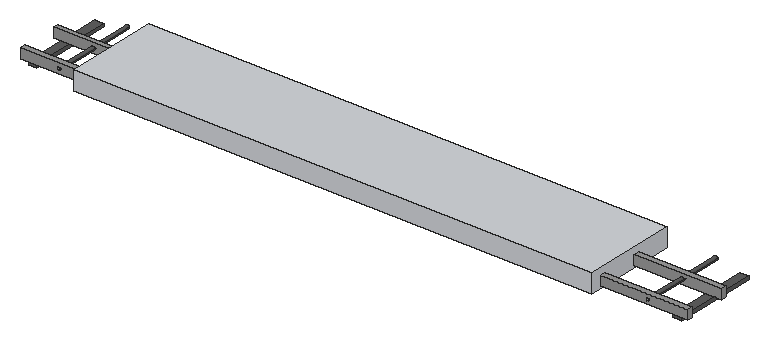
Revit family "1212-2, Veneer", category Generic Models, host Face, Revit 2020
Family settings
  Host = Face
  Can host rebar = No
  Round Connector Dimension = Use Diameter
  Part Type = Normal
  Cut with Voids When Loaded = No
  Shared = No
  Room Calculation Point = No
Parameters
  min_value [instance] = 1' - 11 1/4"  # constant formula
  max_value [instance] = 9' - 11 1/4"  # constant formula
  actual_value [instance] = if(NET LENGTH < min_value, min_value, if(NET LENGTH > max_value, max_value, NET LENGTH))  # 7' - 11 1/4"
  NET LENGTH [instance] = 7' - 11 1/4"
  IMPORTANT NOTE!!!                                                                             *Backer & dowel layout is for visualization purposes only, final layout to be determined by 9Wood. [instance] = ""
  Default Elevation = 4' - 0"
  DOWEL RADIUS [instance] = 0' - 0 1/4"  # constant formula
  BACKING M MATERIAL [instance] = BLACK-BACKERS
  .. MEMBER WIDTH [instance] = 0' - 0 3/4"  # constant formula
  .. MEMBER MATERIAL [instance] = Veneer Cherry
  .. MEMBER DEPTH [instance] = 0' - 1 3/8"  # constant formula
  .. MEMBER COUNT [instance] = 2  # constant formula
Reference planes (in)
  plane 1 "Center (Front/Back)": y = 0
  plane 2: z = 2.726
  plane 3 "Center (Left/Right)": x = 0
Forms (in)
  Extrusion 1, solid
    sketch origin (15, -0.86619, -0.99308) x (0, 1, 0) y (-1, 0, 0)
      loop
        line (3.42869, -23.66817) -> (3.42869, 50.25) -> (-10, 50.25) -> (-10, -23.66817) -> (3.42869, -23.66817)
    from 3.71908 to 1.00111
Dimensions and locks (in)
  aligned and locked: plane 2 to Extrusion 1
Nested families (in)
  nested 1: "1200 Series" at (-44, -2, 1.87867), NET LENGTH <- "actual_value", DOWEL RADII <- "DOWEL RADIUS", .. MEMBER WIDTH <- ".. MEMBER WIDTH", .. MEMBER DEPTH <- ".. MEMBER DEPTH", .. MEMBER MATERIAL <- ".. MEMBER MATERIAL", BACKING M MATERIAL <- "BACKING M MATERIAL", .. MEMBER COUNT <- ".. MEMBER COUNT", type "1200 Series"
    with X 7' - 4", WIDTH 1' - 0 1/16", Space 0' - 0 11/16", START 0' - 0 3/8", SCRIM MATERIAL SCRIM, SCRIM 3 8' - 1", SCRIM 2 0' - 0 7/8", SCRIM 1 0' - 0 3/32", SCRIM yes, NET LENGTH 7' - 11 1/4", N 8, INSET 3 0' - 0 3/16", INSET 0' - 1", INDEX 0' - 5 5/8", END BACKER yes, DOWEL RADII 0' - 0 1/4", DOWEL COUNT 8, BACKING M WIDTH 0' - 1 1/4", BACKING M MATERIAL BLACK-BACKERS, BACKING M LENGTH 0' - 11 7/8", BACKING M DEPTH 0' - 0 1/2", .. MEMBER WIDTH 0' - 0 3/4", .. MEMBER OC TYP 0' - 6", .. MEMBER MATERIAL Veneer Cherry, .. MEMBER DEPTH 0' - 1 3/8", .. MEMBER COUNT 2
Definition of nested family "1200 Series"
  Parameters (values of type "1200 Series")
    X [instance] = NET LENGTH - (0' 3 5/8" * 2)  # 6' - 2"
    WIDTH [instance] = 1' - 0 1/16"
    Space [instance] = 0' - 0 11/16"  # constant formula
    START [instance] = .. MEMBER WIDTH / 2  # 0' - 0 3/8"
    SCRIM MATERIAL [instance] = none
    SCRIM 3 [instance] = NET LENGTH + (SCRIM 2 * 2)  # 6' - 11"
    SCRIM 2 [instance] = 0' - 0 7/8"
    SCRIM 1 [instance] = 0' - 0 3/32"
    SCRIM [instance] = yes
    NET LENGTH [instance] = 6' - 9 1/4"
    N [instance] = if((X - (rounddown(X / 1' 0") * 1' 0")) > 1' 0", rounddown(X / 1' 0") + 2, rounddown(X / 1' 0") + 1)  # 7
    INSET 3 [instance] = 0' - 0 3/16"
    INSET [instance] = 0' - 1"
    INDEX [instance] = (NET LENGTH - ((N - 1) * 1' 0")) / 2  # 0' - 4 5/8"
    END BACKER [instance] = yes
    Default Elevation = 0' - 0"
    DOWEL RADII [instance] = 0' - 0 1/4"
    DOWEL COUNT [instance] = N  # 7
    BACKING M WIDTH [instance] = 0' - 1 1/4"
    BACKING M MATERIAL [instance] = none
    BACKING M LENGTH [instance] = 0' - 11 7/8"
    BACKING M DEPTH [instance] = 0' - 0 1/2"
    .. MEMBER WIDTH [instance] = 0' - 0 3/4"
    .. MEMBER OC TYP [instance] = 1' 0" / .. MEMBER COUNT  # 0' - 3"
    .. MEMBER MATERIAL [instance] = none
    .. MEMBER DEPTH [instance] = 0' - 1 3/8"
    .. MEMBER COUNT [instance] = 4
  Reference planes (in)
    plane 1 "Center (Front/Back)": y = -7.5
    plane 2: z = 0
    plane 3 "Center (Left/Right)": x = 0
    plane 4: x = 1
    plane 5: x = 4.625
    plane 6: x = 81.25
    plane 7: x = 80.25
    plane 8: x = 16.625
    plane 9: y = -7.3125
    plane 10: y = -4.125
    plane 11: y = -7.125
    plane 12: y = 4.5625
    plane 13: y = -4.5
    plane 14: y = -7.59375
    plane 15: x = 82.125
    plane 16: y = 4.65625
    plane 17: x = -0.875
    plane 18: z = -1.375
    plane 19: z = -0.6875
  Lines and regions (in)
    model lines
      curve 1: line (4.375, -7.5, -0.6875) -> (4.875, -7.5, -0.6875)
    model lines, not visible
      curve 2: line (4.625, -7.5, -0.9375) -> (4.625, -7.5, -0.4375)
      curve 3: line (4.375, -7.5, -0.6875) -> (4.875, -7.5, -0.6875)
      curve 4: line (16.625, -7.5, -0.9375) -> (16.625, -7.5, -0.4375)
      curve 5: line (16.375, -7.5, -0.6875) -> (16.875, -7.5, -0.6875)
      curve 6: line (28.625, -7.5, -0.9375) -> (28.625, -7.5, -0.4375)
      curve 7: line (28.375, -7.5, -0.6875) -> (28.875, -7.5, -0.6875)
      curve 8: line (40.625, -7.5, -0.9375) -> (40.625, -7.5, -0.4375)
      curve 9: line (40.375, -7.5, -0.6875) -> (40.875, -7.5, -0.6875)
      curve 10: line (52.625, -7.5, -0.9375) -> (52.625, -7.5, -0.4375)
      curve 11: line (52.375, -7.5, -0.6875) -> (52.875, -7.5, -0.6875)
      curve 12: line (64.625, -7.5, -0.9375) -> (64.625, -7.5, -0.4375)
      curve 13: line (64.375, -7.5, -0.6875) -> (64.875, -7.5, -0.6875)
      curve 14: line (76.625, -7.5, -0.9375) -> (76.625, -7.5, -0.4375)
      curve 15: line (76.375, -7.5, -0.6875) -> (76.875, -7.5, -0.6875)
  Dimensions and locks (in)
    "NET LENGTH": plane 3 "Center (Left/Right)" to plane 6
    "INSET": plane 7 to plane 6
    "INDEX": plane 3 "Center (Left/Right)" to plane 5
    plane 5 to plane 8 = 1' - 0"
    "INSET 3": plane 1 "Center (Front/Back)" to plane 9
    equal spacing: group 1, group 2, group 3, group 4  (x3)
    "START": plane 11 to plane 1 "Center (Front/Back)"
    ".. MEMBER OC TYP": plane 10 to plane 11
    "WIDTH": plane 12 to plane 1 "Center (Front/Back)"
    "START": plane 10 to plane 13
    "SCRIM 1": plane 14 to plane 1 "Center (Front/Back)"
    "SCRIM 2": plane 6 to plane 15
    "SCRIM 1": plane 12 to plane 16
    "SCRIM 2": plane 17 to plane 3 "Center (Left/Right)"
    "INSET": plane 3 "Center (Left/Right)" to plane 4
    equal spacing: group 5, group 6, group 7, group 8, group 9, group 10, group 11  (x3)
    "Space": plane 19 to plane 18
    aligned and locked: level to plane 2
    aligned and locked: nested 1 to plane 4  (x2)
    aligned and locked: plane 7 to nested 2
    aligned and locked: plane 5 to nested 3
    aligned and locked: nested 1 to plane 9
    aligned and locked: plane 1 "Center (Front/Back)" to nested 4
    aligned and locked: plane 9 to nested 2
    aligned and locked: plane 13 to nested 5
    aligned and locked: nested 3 to plane 9
    aligned and locked: plane 18 to nested 1
    aligned and locked: plane 19 to nested 3
    aligned and locked: curve 1 to plane 19
    aligned and locked: plane 8 to curve 4
    aligned and locked: curve 5 to plane 19
    aligned and locked: nested 4 to plane 18
  Automatic sketch dimensions
    curve 1 to curve 1 = 0' - 0 1/2"
    curve 1 to plane 5 = 0' - 0 1/4"
    plane 5 to curve 1 = 0' - 0 1/4"
    curve 3 to curve 2 = 0' - 0 1/4"  (x2)
    curve 2 to curve 3 = 0' - 0 1/4"  (x2)
    curve 5 to curve 4 = 0' - 0 1/4"  (x2)
    curve 4 to curve 5 = 0' - 0 1/4"  (x2)
    curve 7 to curve 6 = 0' - 0 1/4"  (x2)
    curve 6 to curve 7 = 0' - 0 1/4"  (x2)
    curve 9 to curve 8 = 0' - 0 1/4"  (x2)
    curve 8 to curve 9 = 0' - 0 1/4"  (x2)
    curve 11 to curve 10 = 0' - 0 1/4"  (x2)
    curve 10 to curve 11 = 0' - 0 1/4"  (x2)
    curve 13 to curve 12 = 0' - 0 1/4"  (x2)
    curve 12 to curve 13 = 0' - 0 1/4"  (x2)
    curve 15 to curve 14 = 0' - 0 1/4"  (x2)
    curve 14 to curve 15 = 0' - 0 1/4"  (x2)
  Nested families (in)
    nested 1: "INSTANCE - 2ND -  EXTEND SIDE H CENTER W - Parametric Cube" at (1, -1.375, -1.375) x (0, -1, 0) z (0, 0, 1), Width <- "BACKING M LENGTH", Length <- "BACKING M WIDTH", Material <- "BACKING M MATERIAL", Height <- "BACKING M DEPTH", visible <- "END BACKER", type "INSTANCE - 2ND -  EXTEND SIDE H CENTER W - Parametric Cube"
      with Width 0' - 11 7/8", Material none, Length 0' - 1 1/4", Height 0' - 0 1/2"
    nested 2: "INSTANCE - 2ND -  EXTEND SIDE H CENTER W - Parametric Cube" at (80.25, -1.375, -1.375) x (0, -1, 0) z (0, 0, 1), Width <- "BACKING M LENGTH", Length <- "BACKING M WIDTH", Material <- "BACKING M MATERIAL", Height <- "BACKING M DEPTH", visible <- "END BACKER", type "INSTANCE - 2ND -  EXTEND SIDE H CENTER W - Parametric Cube"
      with Width 0' - 11 7/8", Material none, Length 0' - 1 1/4", Height 0' - 0 1/2"
    nested 3: "Family3" at (-5.375, -7.3125, -0.6875), DOWEL RADII <- "DOWEL RADII", BACKING MEM MATERIAL <- "BACKING M MATERIAL", type "Family3"
      with DOWEL RADII 0' - 0 1/4", DOWEL LENGTH 0' - 11 7/8", BACKING MEM MATERIAL none
    nested 4: "HOLED MEMBER" at (0, -18.75, 6.19404), DOWEL RADII <- "DOWEL RADII", .. MEMBER LENGTH <- "NET LENGTH", DOWEL COUNT <- "DOWEL COUNT", DEPTH <- ".. MEMBER DEPTH", .. MEMBER WIDTH <- ".. MEMBER WIDTH", Material <- ".. MEMBER MATERIAL", DOWEL INDEX <- "INDEX", Space 2 <- "Space", type "HOLED MEMBER"
      with Width 0' - 6", Space 2 0' - 0 11/16", Material none, Length 1' - 0", Height 0' - 10.43096", DOWEL RADII 0' - 0 1/4", DOWEL OC DIST 1' - 0", DOWEL INDEX 0' - 4 5/8", DOWEL COUNT 7, DEPTH 0' - 1 3/8", .. MEMBER WIDTH 0' - 0 3/4", .. MEMBER LENGTH 6' - 9 1/4"
    nested 5: "HOLED MEMBER" at (0, -15.75, 6.19404), DOWEL RADII <- "DOWEL RADII", .. MEMBER LENGTH <- "NET LENGTH", DOWEL COUNT <- "DOWEL COUNT", DEPTH <- ".. MEMBER DEPTH", .. MEMBER WIDTH <- ".. MEMBER WIDTH", Material <- ".. MEMBER MATERIAL", DOWEL INDEX <- "INDEX", Space 2 <- "Space", type "HOLED MEMBER"
      with Width 0' - 6", Space 2 0' - 0 11/16", Material none, Length 1' - 0", Height 0' - 10.43096", DOWEL RADII 0' - 0 1/4", DOWEL OC DIST 1' - 0", DOWEL INDEX 0' - 4 5/8", DOWEL COUNT 7, DEPTH 0' - 1 3/8", .. MEMBER WIDTH 0' - 0 3/4", .. MEMBER LENGTH 6' - 9 1/4"
    nested 6: "HOLED MEMBER" at (0, -12.75, 6.19404), DOWEL RADII <- "DOWEL RADII", .. MEMBER LENGTH <- "NET LENGTH", DOWEL COUNT <- "DOWEL COUNT", DEPTH <- ".. MEMBER DEPTH", .. MEMBER WIDTH <- ".. MEMBER WIDTH", Material <- ".. MEMBER MATERIAL", DOWEL INDEX <- "INDEX", Space 2 <- "Space", type "HOLED MEMBER"
      with Width 0' - 6", Space 2 0' - 0 11/16", Material none, Length 1' - 0", Height 0' - 10.43096", DOWEL RADII 0' - 0 1/4", DOWEL OC DIST 1' - 0", DOWEL INDEX 0' - 4 5/8", DOWEL COUNT 7, DEPTH 0' - 1 3/8", .. MEMBER WIDTH 0' - 0 3/4", .. MEMBER LENGTH 6' - 9 1/4"
    nested 7: "HOLED MEMBER" at (0, -9.75, 6.19404), DOWEL RADII <- "DOWEL RADII", .. MEMBER LENGTH <- "NET LENGTH", DOWEL COUNT <- "DOWEL COUNT", DEPTH <- ".. MEMBER DEPTH", .. MEMBER WIDTH <- ".. MEMBER WIDTH", Material <- ".. MEMBER MATERIAL", DOWEL INDEX <- "INDEX", Space 2 <- "Space", type "HOLED MEMBER"
      with Width 0' - 6", Space 2 0' - 0 11/16", Material none, Length 1' - 0", Height 0' - 10.43096", DOWEL RADII 0' - 0 1/4", DOWEL OC DIST 1' - 0", DOWEL INDEX 0' - 4 5/8", DOWEL COUNT 7, DEPTH 0' - 1 3/8", .. MEMBER WIDTH 0' - 0 3/4", .. MEMBER LENGTH 6' - 9 1/4"
    nested 8: "Family3" at (6.625, -7.3125, -0.6875), DOWEL RADII <- "DOWEL RADII", BACKING MEM MATERIAL <- "BACKING M MATERIAL", type "Family3"
      with DOWEL RADII 0' - 0 1/4", DOWEL LENGTH 0' - 11 7/8", BACKING MEM MATERIAL none
    nested 9: "Family3" at (18.625, -7.3125, -0.6875), DOWEL RADII <- "DOWEL RADII", BACKING MEM MATERIAL <- "BACKING M MATERIAL", type "Family3"
      with DOWEL RADII 0' - 0 1/4", DOWEL LENGTH 0' - 11 7/8", BACKING MEM MATERIAL none
    nested 10: "Family3" at (30.625, -7.3125, -0.6875), DOWEL RADII <- "DOWEL RADII", BACKING MEM MATERIAL <- "BACKING M MATERIAL", type "Family3"
      with DOWEL RADII 0' - 0 1/4", DOWEL LENGTH 0' - 11 7/8", BACKING MEM MATERIAL none
    nested 11: "Family3" at (42.625, -7.3125, -0.6875), DOWEL RADII <- "DOWEL RADII", BACKING MEM MATERIAL <- "BACKING M MATERIAL", type "Family3"
      with DOWEL RADII 0' - 0 1/4", DOWEL LENGTH 0' - 11 7/8", BACKING MEM MATERIAL none
    nested 12: "Family3" at (54.625, -7.3125, -0.6875), DOWEL RADII <- "DOWEL RADII", BACKING MEM MATERIAL <- "BACKING M MATERIAL", type "Family3"
      with DOWEL RADII 0' - 0 1/4", DOWEL LENGTH 0' - 11 7/8", BACKING MEM MATERIAL none
    nested 13: "Family3" at (66.625, -7.3125, -0.6875), DOWEL RADII <- "DOWEL RADII", BACKING MEM MATERIAL <- "BACKING M MATERIAL", type "Family3"
      with DOWEL RADII 0' - 0 1/4", DOWEL LENGTH 0' - 11 7/8", BACKING MEM MATERIAL none
  Definition of nested family "INSTANCE - 2ND -  EXTEND SIDE H CENTER W - Parametric Cube"
    Parameters (values of type "INSTANCE - 2ND -  EXTEND SIDE H CENTER W - Parametric Cube")
      Width [instance] = 0' - 6"
      Material [instance] = none
      Length [instance] = 1' - 0"
      Height [instance] = 1' - 6"
      Default Elevation = 0' - 0"
    Reference planes (in)
      plane 1 "Center (Front/Back)": y = 0
      plane 2: z = 0
      plane 3 "Center (Left/Right)": x = 0
      plane 4: x = -3
      plane 5: x = 3
      plane 6: y = 12
      plane 7: z = -18
    Forms (in)
      Extrusion 1, solid, material <- "Material"
        sketch origin (0, 6, 0) x (1, 0, 0) y (0, 1, 0)
          loop
            line (-3, 6) -> (-3, -6) -> (3, -6) -> (3, 6) -> (-3, 6)
        from -18 to 0
    Dimensions and locks (in)
      equal spacing: plane 4, plane 3 "Center (Left/Right)", plane 5
      "Width": plane 4 to plane 5
      "Height": plane 7 to level
      "Length": plane 1 "Center (Front/Back)" to plane 6
      aligned and locked: plane 2 to level
      aligned and locked: plane 4 to Extrusion 1 sketch curve
      aligned and locked: Extrusion 1 sketch curve to plane 5
      aligned and locked: Extrusion 1 to plane 7
      aligned and locked: plane 6 to Extrusion 1
    Automatic sketch dimensions
      plane 1 "Center (Front/Back)" to Extrusion 1 sketch curve = 0' - 0"
      plane 6 to Extrusion 1 sketch curve = 0' - 0"
  Definition of nested family "Family3"
    Parameters (values of type "Family3")
      Default Elevation = 0' - 0"
      DOWEL RADII [instance] = 0' - 0 5/8"
      DOWEL LENGTH [instance] = 0' - 5"
      BACKING MEM MATERIAL [instance] = none
    Reference planes (in)
      plane 1 "Center (Front/Back)": y = 0
      plane 2: z = 0
      plane 3 "Center (Left/Right)": x = 0
      plane 4: y = 5
    Forms (in)
      Extrusion 1, solid, material <- "BACKING MEM MATERIAL"
        sketch origin (10, 0, 0) x (1, 0, 0) y (0, 0, 1)
          loop
            circle (0, 0) r 0.625
        from 0 to -5
      Extrusion 2, solid, not visible
        sketch origin (0, 0, 0) x (1, 0, 0) y (0, 0, 1)
          loop
            circle (0, 0) r 0.625
        from 0 to 12
      Extrusion 3, solid, not visible
        sketch origin (10, 0, 0) x (1, 0, 0) y (0, 0, 1)
          loop
            circle (0, 0) r 0.625
        from 0 to 2.5
      Extrusion 4, solid, not visible
        sketch origin (10, 0, 0) x (1, 0, 0) y (0, 0, 1)
          loop
            circle (0, 0) r 0.625
        from 0 to -12
    Lines and regions (in)
      model lines, not visible
        curve 1: line (-13, 0, 0) -> (-13, -12, 0)
        curve 2: line (13, 0, 0) -> (13, -12, 0)
        curve 3: line (9.89453, 0, 0) -> (10.08794, 0, 0)
        curve 4: line (9.89453, -2.5, 0) -> (10.08794, -2.5, 0)
        curve 6: line (10, 0, 0) -> (10, 2, 0)
      model lines
        curve 5: line (10, 0, 0) -> (10, 2, 0)
    Dimensions and locks (in)
      "DOWEL LENGTH": plane 1 "Center (Front/Back)" to plane 4
      "DOWEL RADII": radius of Extrusion 1 sketch curve
      "DOWEL RADII": radius of Extrusion 2 sketch curve
      "DOWEL RADII": radius of Extrusion 3 sketch curve
      "DOWEL RADII": radius of Extrusion 4 sketch curve
      "DOWEL RADII": radius of Extrusion 1
      aligned and locked: plane 2 to level
      aligned and locked: Extrusion 1 to plane 1 "Center (Front/Back)"  (x3)
      aligned and locked: plane 1 "Center (Front/Back)" to Extrusion 1
      aligned and locked: plane 4 to Extrusion 1
    Automatic sketch dimensions
      plane 1 "Center (Front/Back)" to curve 5 = 0' - 0"
      curve 5 to plane 1 "Center (Front/Back)" = 0' - 2"
      plane 3 "Center (Left/Right)" to curve 5 = 0' - 10"
      Extrusion 1 sketch curve to level = 0' - 0"
      plane 3 "Center (Left/Right)" to Extrusion 1 sketch curve = 0' - 10"
  Definition of nested family "HOLED MEMBER"
    Parameters (values of type "HOLED MEMBER")
      Width [instance] = 0' - 6"
      Space 2 [instance] = 0' - 0 5/8"
      Space = 0' - 0 5/8"
      Material [instance] = none
      Length [instance] = 1' - 0"
      Height [instance] = 0' - 10.43096"
      Default Elevation = 0' - 0"
      DOWEL RADII [instance] = 0' - 0.34537"
      DOWEL OC DIST [instance] = 1' - 0"
      DOWEL INSET = 0' - 0 5/8"
      DOWEL INDEX [instance] = 0' - 5 5/8"
      DOWEL COUNT [instance] = 6
      DEPTH [instance] = 0' - 2"
      .. MEMBER WIDTH [instance] = 0' - 0 5/8"
      .. MEMBER LENGTH [instance] = 5' - 11 3/4"
    Reference planes (in)
      plane 1 "Center (Front/Back)": y = 12
      plane 2: z = -7.56904
      plane 3 "Center (Left/Right)": x = 0
      plane 4: x = 5.625
      plane 5: x = 17.625
      plane 6: y = 11.375
      plane 7: x = 71.75
      plane 8: z = -6.94404
      plane 9: z = -5.56904
    Forms (in)
      Extrusion 1, solid, material <- "Material"
        sketch origin (0, 12, -13.56904) x (1, 0, 0) y (0, 0, 1)
          loop
            line (0, 6) -> (71.75, 6) -> (71.75, 8) -> (0, 8) -> (0, 6)
        from 0.625 to 0
      Extrusion 2, void
        sketch origin (0, 12, -18.31904) x (1, 0, 0) y (0, 0, 1)
          loop
            circle (5.625, 11.375) r 0.34537
        from 0 to 12
      Extrusion 3, void, not visible
        sketch origin (0, 1.25, 0) x (1, 0, 0) y (0, 1, 0)
          loop
            circle (5.625, 11.375) r 0.34537
        from 0 to 12
      Extrusion 4, void, not visible
        sketch origin (0, 1.25, 0) x (1, 0, 0) y (0, 1, 0)
          loop
            circle (5.625, 11.375) r 0.34537
        from 0 to 12
      Extrusion 5, void, not visible
        sketch origin (12, 1.25, 0) x (1, 0, 0) y (0, 1, 0)
          loop
            circle (5.625, 11.375) r 0.34537
        from 0 to 12
      Extrusion 6, void, not visible
        sketch origin (0, 12, -16.31904) x (1, 0, 0) y (0, 0, 1)
          loop
            circle (5.625, 11.375) r 0.34537
        from 0 to 12
      Extrusion 7, void, not visible
        sketch origin (12, 12, -16.31904) x (1, 0, 0) y (0, 0, 1)
          loop
            circle (5.625, 11.375) r 0.34537
        from 0 to 12
      Extrusion 8, void, not visible
        sketch origin (0, 12, -18.31904) x (1, 0, 0) y (0, 0, 1)
          loop
            circle (5.625, 11.375) r 0.34537
        from 0 to 12
      Extrusion 9, void
        sketch origin (12, 12, -18.31904) x (1, 0, 0) y (0, 0, 1)
          loop
            circle (5.625, 11.375) r 0.34537
        from 0 to 12
      Extrusion 10, void, not visible
        sketch origin (24, 12, -16.31904) x (1, 0, 0) y (0, 0, 1)
          loop
            circle (5.625, 11.375) r 0.34537
        from 0 to 12
      Extrusion 11, void, not visible
        sketch origin (36, 12, -16.31904) x (1, 0, 0) y (0, 0, 1)
          loop
            circle (5.625, 11.375) r 0.34537
        from 0 to 12
      Extrusion 12, void, not visible
        sketch origin (48, 12, -16.31904) x (1, 0, 0) y (0, 0, 1)
          loop
            circle (5.625, 11.375) r 0.34537
        from 0 to 12
      Extrusion 13, void, not visible
        sketch origin (60, 12, -16.31904) x (1, 0, 0) y (0, 0, 1)
          loop
            circle (5.625, 11.375) r 0.34537
        from 0 to 12
      Extrusion 14, void, not visible
        sketch origin (24, 1.25, 0) x (1, 0, 0) y (0, 1, 0)
          loop
            circle (5.625, 11.375) r 0.34537
        from 0 to 12
      Extrusion 15, void, not visible
        sketch origin (36, 1.25, 0) x (1, 0, 0) y (0, 1, 0)
          loop
            circle (5.625, 11.375) r 0.34537
        from 0 to 12
      Extrusion 16, void, not visible
        sketch origin (48, 1.25, 0) x (1, 0, 0) y (0, 1, 0)
          loop
            circle (5.625, 11.375) r 0.34537
        from 0 to 12
      Extrusion 17, void, not visible
        sketch origin (60, 1.25, 0) x (1, 0, 0) y (0, 1, 0)
          loop
            circle (5.625, 11.375) r 0.34537
        from 0 to 12
      Extrusion 18, void
        sketch origin (24, 12, -18.31904) x (1, 0, 0) y (0, 0, 1)
          loop
            circle (5.625, 11.375) r 0.34537
        from 0 to 12
      Extrusion 19, void
        sketch origin (36, 12, -18.31904) x (1, 0, 0) y (0, 0, 1)
          loop
            circle (5.625, 11.375) r 0.34537
        from 0 to 12
      Extrusion 20, void
        sketch origin (48, 12, -18.31904) x (1, 0, 0) y (0, 0, 1)
          loop
            circle (5.625, 11.375) r 0.34537
        from 0 to 12
      Extrusion 21, void
        sketch origin (60, 12, -18.31904) x (1, 0, 0) y (0, 0, 1)
          loop
            circle (5.625, 11.375) r 0.34537
        from 0 to 12
    Cuts and joins
      Extrusion 2, Extrusion 9, Extrusion 18, Extrusion 19, Extrusion 20, Extrusion 21 cuts Extrusion 1
    Lines and regions (in)
      model lines, not visible
        curve 1: line (5.625, 11.72037, 0) -> (5.625, 11.02963, 0)
        curve 2: line (5.625, 11.72037, 0) -> (5.625, 11.02963, 0)
        curve 3: line (17.625, 11.72037, 0) -> (17.625, 11.02963, 0)
        curve 4: line (5.625, 12, -7.56904) -> (5.625, 11.87317, -7.56904)
        curve 5: line (5.625, 11.87317, -7.56904) -> (5.06195, 11.87317, -7.56904)
        curve 6: line (5.06195, 11.87317, -7.56904) -> (5.27963, 11.375, -7.56904)
        curve 7: line (0, 12, -6.19404) -> (0, 11.61951, -6.19404)
        curve 8: line (0, 11.375, -8.19404) -> (0, 11.6747, -8.19404)
        curve 9: line (5.625, 12, -7.56904) -> (5.625, 11.69863, -7.56904)
        curve 11: line (5.625, 12, 0) -> (5.625, 12, 0.30137)
        curve 12: line (5.625, 12, 0) -> (5.625, 12, 0.30137)
        curve 13: line (17.625, 12, 0) -> (17.625, 12, 0.30137)
        curve 14: line (5.625, 12, -5.56904) -> (5.625, 11.69863, -5.56904)
        curve 15: line (17.625, 12, -5.56904) -> (17.625, 11.69863, -5.56904)
        curve 16: line (5.625, 12, -7.56904) -> (5.625, 11.69863, -7.56904)
        curve 18: line (29.625, 12, -5.56904) -> (29.625, 11.69863, -5.56904)
        curve 19: line (41.625, 12, -5.56904) -> (41.625, 11.69863, -5.56904)
        curve 20: line (53.625, 12, -5.56904) -> (53.625, 11.69863, -5.56904)
        curve 21: line (65.625, 12, -5.56904) -> (65.625, 11.69863, -5.56904)
        curve 22: line (29.625, 11.72037, 0) -> (29.625, 11.02963, 0)
        curve 23: line (29.625, 12, 0) -> (29.625, 12, 0.30137)
        curve 24: line (41.625, 11.72037, 0) -> (41.625, 11.02963, 0)
        curve 25: line (41.625, 12, 0) -> (41.625, 12, 0.30137)
        curve 26: line (53.625, 11.72037, 0) -> (53.625, 11.02963, 0)
        curve 27: line (53.625, 12, 0) -> (53.625, 12, 0.30137)
        curve 28: line (65.625, 11.72037, 0) -> (65.625, 11.02963, 0)
        curve 29: line (65.625, 12, 0) -> (65.625, 12, 0.30137)
        curve 35: line (5.27963, 12.625, 0) -> (5.97037, 12.625, 0)
        curve 36: line (5.27963, 12.625, 0) -> (5.97037, 12.625, 0)
        curve 37: line (17.27963, 12.625, 0) -> (17.97037, 12.625, 0)
        curve 38: line (5.27963, 12, -4.94404) -> (5.97037, 12, -4.94404)
        curve 39: line (17.27963, 12, -4.94404) -> (17.97037, 12, -4.94404)
        curve 40: line (5.27963, 12, -6.94404) -> (5.97037, 12, -6.94404)
        curve 42: line (29.27963, 12, -4.94404) -> (29.97037, 12, -4.94404)
        curve 43: line (41.27963, 12, -4.94404) -> (41.97037, 12, -4.94404)
        curve 44: line (53.27963, 12, -4.94404) -> (53.97037, 12, -4.94404)
        curve 45: line (65.27963, 12, -4.94404) -> (65.97037, 12, -4.94404)
        curve 46: line (29.27963, 12.625, 0) -> (29.97037, 12.625, 0)
        curve 47: line (41.27963, 12.625, 0) -> (41.97037, 12.625, 0)
        curve 48: line (53.27963, 12.625, 0) -> (53.97037, 12.625, 0)
        curve 49: line (65.27963, 12.625, 0) -> (65.97037, 12.625, 0)
        curve 54: line (0, 12, -6.94404) -> (0, 4.22059, -6.94404)
        curve 55: line (0, 12.625, 0) -> (0, 12.625, 7.77941)
        curve 56: line (0, 12.625, 0) -> (0, 12.625, 7.77941)
        curve 57: line (12, 12.625, 0) -> (12, 12.625, 7.77941)
        curve 58: line (0, 12, -4.94404) -> (0, 4.22059, -4.94404)
        curve 59: line (12, 12, -4.94404) -> (12, 4.22059, -4.94404)
        curve 60: line (0, 12, -6.94404) -> (0, 4.22059, -6.94404)
        curve 61: line (12, 12, -6.94404) -> (12, 4.22059, -6.94404)
        curve 62: line (24, 12, -4.94404) -> (24, 4.22059, -4.94404)
        curve 63: line (36, 12, -4.94404) -> (36, 4.22059, -4.94404)
        curve 64: line (48, 12, -4.94404) -> (48, 4.22059, -4.94404)
        curve 65: line (60, 12, -4.94404) -> (60, 4.22059, -4.94404)
        curve 66: line (24, 12.625, 0) -> (24, 12.625, 7.77941)
        curve 67: line (36, 12.625, 0) -> (36, 12.625, 7.77941)
        curve 68: line (48, 12.625, 0) -> (48, 12.625, 7.77941)
        curve 69: line (60, 12.625, 0) -> (60, 12.625, 7.77941)
        curve 70: line (24, 12, -6.94404) -> (24, 4.22059, -6.94404)
        curve 71: line (36, 12, -6.94404) -> (36, 4.22059, -6.94404)
        curve 72: line (48, 12, -6.94404) -> (48, 4.22059, -6.94404)
        curve 73: line (60, 12, -6.94404) -> (60, 4.22059, -6.94404)
      model lines
        curve 10: line (5.625, 12, -7.56904) -> (5.625, 11.69863, -7.56904)
        curve 17: line (17.625, 12, -7.56904) -> (17.625, 11.69863, -7.56904)
        curve 30: line (29.625, 12, -7.56904) -> (29.625, 11.69863, -7.56904)
        curve 31: line (41.625, 12, -7.56904) -> (41.625, 11.69863, -7.56904)
        curve 32: line (53.625, 12, -7.56904) -> (53.625, 11.69863, -7.56904)
        curve 33: line (65.625, 12, -7.56904) -> (65.625, 11.69863, -7.56904)
        curve 34: line (5.27963, 12, -6.94404) -> (5.97037, 12, -6.94404)
        curve 41: line (17.27963, 12, -6.94404) -> (17.97037, 12, -6.94404)
        curve 50: line (29.27963, 12, -6.94404) -> (29.97037, 12, -6.94404)
        curve 51: line (41.27963, 12, -6.94404) -> (41.97037, 12, -6.94404)
        curve 52: line (53.27963, 12, -6.94404) -> (53.97037, 12, -6.94404)
        curve 53: line (65.27963, 12, -6.94404) -> (65.97037, 12, -6.94404)
    Dimensions and locks (in)
      "DOWEL INDEX": plane 3 "Center (Left/Right)" to plane 4
      "DOWEL OC DIST": plane 4 to plane 5
      ".. MEMBER LENGTH": plane 3 "Center (Left/Right)" to plane 7
      equal spacing: group 3, group 4, group 17, group 18, group 19, group 20  (x3)
      equal spacing: group 7, group 8, group 13, group 14, group 15, group 16  (x3)
      equal spacing: group 1, group 12, group 21, group 22, group 23, group 24  (x3)
      ".. MEMBER WIDTH": plane 6 to plane 1 "Center (Front/Back)"
      "DEPTH": plane 9 to level
      "Space 2": plane 8 to level
      "DOWEL RADII": radius of Extrusion 2 sketch curve
      "DOWEL RADII": radius of Extrusion 3 sketch curve
      "DOWEL RADII": radius of Extrusion 4 sketch curve
      "DOWEL RADII": radius of Extrusion 5 sketch curve
      "DOWEL RADII": radius of Extrusion 6 sketch curve
      "DOWEL RADII": radius of Extrusion 7 sketch curve
      "DOWEL RADII": radius of Extrusion 8 sketch curve
      "DOWEL RADII": radius of Extrusion 9 sketch curve
      "DOWEL RADII": radius of Extrusion 10 sketch curve
      "DOWEL RADII": radius of Extrusion 11 sketch curve
      "DOWEL RADII": radius of Extrusion 12 sketch curve
      "DOWEL RADII": radius of Extrusion 13 sketch curve
      "DOWEL RADII": radius of Extrusion 14 sketch curve
      "DOWEL RADII": radius of Extrusion 15 sketch curve
      "DOWEL RADII": radius of Extrusion 16 sketch curve
      "DOWEL RADII": radius of Extrusion 17 sketch curve
      "DOWEL RADII": radius of Extrusion 18 sketch curve
      "DOWEL RADII": radius of Extrusion 19 sketch curve
      "DOWEL RADII": radius of Extrusion 20 sketch curve
      "DOWEL RADII": radius of Extrusion 21 sketch curve
      aligned and locked: level to plane 2
      aligned and locked: Extrusion 1 to plane 3 "Center (Left/Right)"  (x2)
      aligned and locked: plane 7 to cut or joined group of Extrusion 1, Extrusion 2, Extrusion 9, Extrusion 18, Extrusion 19, Extrusion 20, Extrusion 21  (x2)
      aligned and locked: cut or joined group of Extrusion 1, Extrusion 2, Extrusion 9, Extrusion 18, Extrusion 19, Extrusion 20, Extrusion 21 to plane 1 "Center (Front/Back)"  (x2)
      aligned and locked: cut or joined group of Extrusion 1, Extrusion 2, Extrusion 9, Extrusion 18, Extrusion 19, Extrusion 20, Extrusion 21 to plane 6  (x2)
      aligned and locked: plane 4 to curve 10
      aligned and locked: plane 5 to curve 17
      aligned and locked: plane 9 to cut or joined group of Extrusion 1, Extrusion 2, Extrusion 9, Extrusion 18, Extrusion 19, Extrusion 20, Extrusion 21  (x2)
      aligned and locked: cut or joined group of Extrusion 1, Extrusion 2, Extrusion 9, Extrusion 18, Extrusion 19, Extrusion 20, Extrusion 21 to level
      aligned and locked: plane 8 to Extrusion 2
      aligned and locked: curve 34 to plane 8
      aligned and locked: curve 41 to plane 8
      aligned and locked: level to curve 10
      aligned and locked: curve 10 to level
      aligned and locked: plane 8 to cut or joined group of Extrusion 1, Extrusion 2, Extrusion 9, Extrusion 18, Extrusion 19, Extrusion 20, Extrusion 21
      aligned and locked: curve 54 to plane 8
    Automatic sketch dimensions
      curve 1 to curve 1 = 0' - 0.69074"
      curve 2 to curve 2 = 0' - 0.69074"
      curve 3 to curve 3 = 0' - 0.69074"
      Extrusion 1 sketch curve to plane 3 "Center (Left/Right)" = 0' - 0"
      Extrusion 1 sketch curve to plane 7 = 0' - 0"
      Extrusion 1 sketch curve to Extrusion 1 sketch curve = 0' - 2"
      level to Extrusion 1 sketch curve = 0' - 0"
      curve 9 to curve 9 = 0' - 0.30137"
      curve 10 to curve 10 = 0' - 0.30137"
      curve 11 to curve 11 = 0' - 0.30137"
      curve 12 to curve 12 = 0' - 0.30137"
      curve 13 to curve 13 = 0' - 0.30137"
      curve 14 to curve 14 = 0' - 0.30137"
      curve 15 to curve 15 = 0' - 0.30137"
      curve 16 to curve 16 = 0' - 0.30137"
      curve 17 to curve 17 = 0' - 0.30137"
      curve 18 to curve 18 = 0' - 0.30137"
      curve 19 to curve 19 = 0' - 0.30137"
      curve 20 to curve 20 = 0' - 0.30137"
      curve 21 to curve 21 = 0' - 0.30137"
      curve 22 to curve 22 = 0' - 0.69074"
      curve 23 to curve 23 = 0' - 0.30137"
      curve 24 to curve 24 = 0' - 0.69074"
      curve 25 to curve 25 = 0' - 0.30137"
      curve 26 to curve 26 = 0' - 0.69074"
      curve 27 to curve 27 = 0' - 0.30137"
      curve 28 to curve 28 = 0' - 0.69074"
      curve 29 to curve 29 = 0' - 0.30137"
      curve 30 to curve 30 = 0' - 0.30137"
      curve 31 to curve 31 = 0' - 0.30137"
      curve 32 to curve 32 = 0' - 0.30137"
      curve 33 to curve 33 = 0' - 0.30137"
      curve 34 to curve 34 = 0' - 0.69074"
      curve 35 to curve 35 = 0' - 0.69074"
      curve 36 to curve 36 = 0' - 0.69074"
      curve 37 to curve 37 = 0' - 0.69074"
      curve 38 to curve 38 = 0' - 0.69074"
      curve 39 to curve 39 = 0' - 0.69074"
      curve 40 to curve 40 = 0' - 0.69074"
      curve 41 to curve 41 = 0' - 0.69074"
      curve 42 to curve 42 = 0' - 0.69074"
      curve 43 to curve 43 = 0' - 0.69074"
      curve 44 to curve 44 = 0' - 0.69074"
      curve 45 to curve 45 = 0' - 0.69074"
      curve 46 to curve 46 = 0' - 0.69074"
      curve 47 to curve 47 = 0' - 0.69074"
      curve 48 to curve 48 = 0' - 0.69074"
      curve 49 to curve 49 = 0' - 0.69074"
      curve 50 to curve 50 = 0' - 0.69074"
      curve 51 to curve 51 = 0' - 0.69074"
      curve 52 to curve 52 = 0' - 0.69074"
      curve 53 to curve 53 = 0' - 0.69074"
      curve 54 to curve 54 = 0' - 7.77941"
      curve 55 to curve 55 = 0' - 7.77941"
      curve 56 to curve 56 = 0' - 7.77941"
      curve 57 to curve 57 = 0' - 7.77941"
      curve 58 to curve 58 = 0' - 7.77941"
      curve 59 to curve 59 = 0' - 7.77941"
      curve 60 to curve 60 = 0' - 7.77941"
      curve 61 to curve 61 = 0' - 7.77941"
      curve 62 to curve 62 = 0' - 7.77941"
      curve 63 to curve 63 = 0' - 7.77941"
      curve 64 to curve 64 = 0' - 7.77941"
      curve 65 to curve 65 = 0' - 7.77941"
      curve 66 to curve 66 = 0' - 7.77941"
      curve 67 to curve 67 = 0' - 7.77941"
      curve 68 to curve 68 = 0' - 7.77941"
      curve 69 to curve 69 = 0' - 7.77941"
      curve 70 to curve 70 = 0' - 7.77941"
      curve 71 to curve 71 = 0' - 7.77941"
      curve 72 to curve 72 = 0' - 7.77941"
      curve 73 to curve 73 = 0' - 7.77941"
